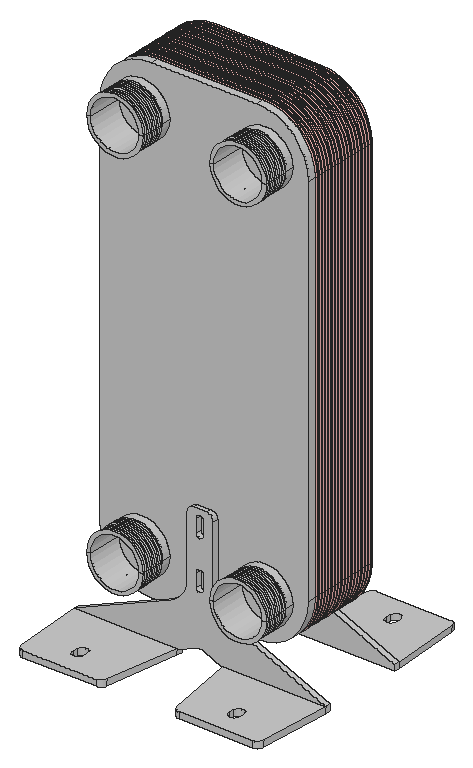
Revit family "MIT MB-11 - Brazed Heat Exchanger", category Specialty Equipment, Revit 2022
Family settings
  Round Connector Dimension = Use Diameter
  Part Type = Normal
  Work Plane-Based = No
  Always vertical = Yes
  Cut with Voids When Loaded = No
  Maintain Annotation Orientation = No
  Shared = No
  Room Calculation Point = No
Parameters (values of type "Threaded")
  URL = "https://en.ekinendustriyel.com/brazed-exchangers"
  Plate Width [instance] = 2.75 mm * (Number_of_Plate)  # 110.00 mm
  Number_of_Plate [instance] = 40
  Model = "MIT-MB-11"
  Manufacturer = "Ekin Endüstriyel"
  Keynote = "Brazed Heat Exchanger"
  Description = "MIT- Brazed Heat Exchanger - 45 bar"
  Default Elevation = 0.00 mm
  A Dimension [instance] = 12.00 mm + (2.75 mm * (Number_of_Plate))  # 122.00 mm
Reference planes
  plane 1 "Center (Front/Back)": y = 0
  plane 2: z = 0
  plane 3 "Center (Left/Right)": x = 0
  plane 4: y = 12
  plane 5: y = 122
  plane 6: y = 119.97
  plane 7 "1": z = 729.615
  plane 8 "2": z = 126.5
  plane 9 "5": y = 124.61
  plane 10: y = 174.61
Forms (mm)
  Extrusion 1, solid, material "Stainless Steel 304/316L", detail levels medium+fine
    sketch origin (-44.592, 0, 0) x (1, 0, 0) y (0, 0, 1)
      loop
        line (-35.979, 59.156) -> (125.01, 59.156)
        arc (125.01, 59.156) -> (181.578, 82.587) -> (205.01, 139.156) r 80
        line (205.01, 139.156) -> (205.01, 717.156)
        arc (205.01, 717.156) -> (181.578, 773.724) -> (125.01, 797.156) r 80
        line (125.01, 797.156) -> (-35.979, 797.156)
        arc (-35.979, 797.156) -> (-92.547, 773.724) -> (-115.979, 717.156) r 80
        line (-115.979, 717.156) -> (-115.979, 139.156)
        arc (-115.979, 139.156) -> (-92.547, 82.587) -> (-35.979, 59.156) r 80
    from 0 to -12
  Revolve 2, solid, material "Stainless Steel 304/316L", detail levels fine
    sketch origin (-44.592, 0, 729.451) x (-1, 0, 0) y (0, -1, 0)
      loop
        line (90.451, 2) -> (92.451, 2) -> (92.451, 14.5) -> (90.297, 16.123) -> (92.451, 17.746) -> (90.297, 19.37) -> (92.451, 20.993) -> (90.297, 22.616) -> (92.451, 24.239) -> (90.297, 25.863) -> (92.451, 27.486) -> (90.297, 29.109) -> (92.451, 30.732) -> (90.297, 32.356) -> (92.451, 33.979) -> (90.297, 35.602) -> (92.451, 37.225) -> (90.297, 38.848) -> (92.451, 40.472) -> (90.297, 42.095) -> (92.451, 43.718) -> (90.297, 45.341) -> (92.451, 46.965) -> (90.297, 48.588) -> (92.451, 50.211) -> (90.297, 51.834) -> (93.171, 54) -> (87.451, 54) -> (87.451, 0) -> (90.451, 0) -> (90.451, 2)
      axis (50.127, 0) -> (50.127, 54)
    angle from 0 to 360
  Revolve 3, solid, material "Stainless Steel 304/316L", detail levels fine
    sketch origin (44.592, 0, 729.451) x (1, 0, 0) y (0, 1, 0)
      loop
        line (90.451, -2) -> (90.451, 0) -> (87.451, 0) -> (87.451, -54) -> (93.171, -54) -> (90.297, -51.834) -> (92.451, -50.211) -> (90.297, -48.588) -> (92.451, -46.965) -> (90.297, -45.341) -> (92.451, -43.718) -> (90.297, -42.095) -> (92.451, -40.472) -> (90.297, -38.848) -> (92.451, -37.225) -> (90.297, -35.602) -> (92.451, -33.979) -> (90.297, -32.356) -> (92.451, -30.732) -> (90.297, -29.109) -> (92.451, -27.486) -> (90.297, -25.863) -> (92.451, -24.239) -> (90.297, -22.616) -> (92.451, -20.993) -> (90.297, -19.37) -> (92.451, -17.746) -> (90.297, -16.123) -> (92.451, -14.5) -> (92.451, -2) -> (90.451, -2)
      axis (50.127, 0) -> (50.127, -54)
    angle from 0 to 360
  Revolve 4, solid, material "Stainless Steel 304/316L", detail levels fine
    sketch origin (-44.592, 0, 126.861) x (0, 1, 0) y (-1, 0, 0)
      loop
        line (-2, 90.451) -> (-2, 92.451) -> (-14.5, 92.451) -> (-16.123, 90.297) -> (-17.746, 92.451) -> (-19.37, 90.297) -> (-20.993, 92.451) -> (-22.616, 90.297) -> (-24.239, 92.451) -> (-25.863, 90.297) -> (-27.486, 92.451) -> (-29.109, 90.297) -> (-30.732, 92.451) -> (-32.356, 90.297) -> (-33.979, 92.451) -> (-35.602, 90.297) -> (-37.225, 92.451) -> (-38.848, 90.297) -> (-40.472, 92.451) -> (-42.095, 90.297) -> (-43.718, 92.451) -> (-45.341, 90.297) -> (-46.965, 92.451) -> (-48.588, 90.297) -> (-50.211, 92.451) -> (-51.834, 90.297) -> (-54, 93.171) -> (-54, 87.451) -> (0, 87.451) -> (0, 90.451) -> (-2, 90.451)
      axis (0, 50.127) -> (-54, 50.127)
    angle from 0 to 360
  Revolve 5, solid, material "Stainless Steel 304/316L", detail levels fine
    sketch origin (44.592, 0, 126.861) x (0, -1, 0) y (1, 0, 0)
      loop
        line (2, 90.451) -> (0, 90.451) -> (0, 87.451) -> (54, 87.451) -> (54, 93.171) -> (51.834, 90.297) -> (50.211, 92.451) -> (48.588, 90.297) -> (46.965, 92.451) -> (45.341, 90.297) -> (43.718, 92.451) -> (42.095, 90.297) -> (40.472, 92.451) -> (38.848, 90.297) -> (37.225, 92.451) -> (35.602, 90.297) -> (33.979, 92.451) -> (32.356, 90.297) -> (30.732, 92.451) -> (29.109, 90.297) -> (27.486, 92.451) -> (25.863, 90.297) -> (24.239, 92.451) -> (22.616, 90.297) -> (20.993, 92.451) -> (19.37, 90.297) -> (17.746, 92.451) -> (16.123, 90.297) -> (14.5, 92.451) -> (2, 92.451) -> (2, 90.451)
      axis (0, 50.127) -> (54, 50.127)
    angle from 0 to 360
  Extrusion 6, solid, material "Stainless Steel 304/316L", detail levels medium+fine
    sketch origin (0, 0, 0) x (1, 0, 0) y (0, 0, 1)
      loop
        line (-20.043, 202.971) -> (-20.043, 109.446)
        arc (-20.043, 109.446) -> (-26.687, 87.369) -> (-44.413, 72.626) r 40
        line (-44.413, 72.626) -> (-193.073, 9.524) -> (-193.073, 0) -> (-35.427, 0) -> (-35.427, 8) -> (-4.927, 20.946)
        arc (-4.927, 20.946) -> (-0.043, 21.94) -> (4.841, 20.946) r 12.5
        line (4.841, 20.946) -> (35.341, 8) -> (35.341, 0) -> (192.987, 0) -> (192.987, 9.524) -> (44.328, 72.626)
        arc (44.328, 72.626) -> (26.602, 87.369) -> (19.957, 109.446) r 40
        line (19.957, 109.446) -> (19.957, 202.971)
        arc (19.957, 202.971) -> (17.028, 210.042) -> (9.957, 212.971) r 10
        line (9.957, 212.971) -> (-10.043, 212.971)
        arc (-10.043, 212.971) -> (-17.114, 210.042) -> (-20.043, 202.971) r 10
      loop
        arc (5.957, 199.271) -> (-0.043, 205.271) -> (-6.043, 199.271) r 6
        line (-6.043, 199.271) -> (-6.043, 179.271)
        arc (-6.043, 179.271) -> (-0.043, 173.271) -> (5.957, 179.271) r 6
        line (5.957, 179.271) -> (5.957, 199.271)
      loop
        arc (5.957, 124.271) -> (-0.043, 130.271) -> (-6.043, 124.271) r 6
        line (-6.043, 124.271) -> (-6.043, 104.271)
        arc (-6.043, 104.271) -> (-0.043, 98.271) -> (5.957, 104.271) r 6
        line (5.957, 104.271) -> (5.957, 124.271)
    from 0 to 8
  Extrusion 7, solid, material "Stainless Steel 304/316L", detail levels medium+fine
    sketch origin (0, 0, 700.5) x (-1, 0, 0) y (0, -1, 0)
      loop
        arc (186.208, 118.578) -> (183.089, 125.273) -> (176.225, 128) r 10
        line (176.225, 128) -> (63.898, 128)
        arc (63.898, 128) -> (57.434, 125.63) -> (54.034, 119.644) r 10
        line (54.034, 119.644) -> (35.427, 8) -> (193.073, 8) -> (186.208, 118.578)
      loop
        line (-35.341, 8) -> (-53.949, 119.644)
        arc (-53.949, 119.644) -> (-57.349, 125.63) -> (-63.812, 128) r 10
        line (-63.812, 128) -> (-176.14, 128)
        arc (-176.14, 128) -> (-183.003, 125.273) -> (-186.123, 118.578) r 10
        line (-186.123, 118.578) -> (-192.987, 8) -> (-35.341, 8)
      loop
        line (-128.226, 92.75) -> (-128.226, 84.25)
        arc (-128.226, 84.25) -> (-119.976, 76) -> (-111.726, 84.25) r 8.25
        line (-111.726, 84.25) -> (-111.726, 92.75)
        arc (-111.726, 92.75) -> (-119.976, 101) -> (-128.226, 92.75) r 8.25
      loop
        line (128.312, 84.25) -> (128.312, 92.75)
        arc (128.312, 92.75) -> (120.062, 101) -> (111.812, 92.75) r 8.25
        line (111.812, 92.75) -> (111.812, 84.25)
        arc (111.812, 84.25) -> (120.062, 76) -> (128.312, 84.25) r 8.25
    from -700.5 to -691.089
  Extrusion 8, solid, material "Stainless Steel 304/316L", detail levels medium
    sketch origin (0, 0, 0) x (1, 0, 0) y (0, 0, 1)
      loop
        circle (-94.718, 729.451) r 42.324
      loop
        circle (94.718, 729.451) r 42.324
      loop
        circle (94.718, 729.451) r 37.324
      loop
        circle (-94.718, 729.451) r 37.324
      loop
        circle (-94.718, 126.861) r 42.324
      loop
        circle (-94.718, 126.861) r 37.324
      loop
        circle (94.718, 126.861) r 37.324
      loop
        circle (94.718, 126.861) r 42.324
    from 0 to 54
  Sweep 9, solid, material "Stainless Steel 304/316L (Copper Covered)", detail levels fine
    path in 3D
      loop
        arc (80.418, 12, 797.156) -> (136.986, 12, 773.724) -> (160.418, 12, 717.156) r 80
        line (160.418, 12, 717.156) -> (160.418, 12, 139.156)
        arc (160.418, 12, 139.156) -> (136.986, 12, 82.587) -> (80.418, 12, 59.156) r 80
        line (80.418, 12, 59.156) -> (-80.571, 12, 59.156)
        arc (-80.571, 12, 59.156) -> (-137.139, 12, 82.587) -> (-160.571, 12, 139.156) r 80
        line (-160.571, 12, 139.156) -> (-160.571, 12, 717.156)
        arc (-160.571, 12, 717.156) -> (-137.139, 12, 773.724) -> (-80.571, 12, 797.156) r 80
        line (-80.571, 12, 797.156) -> (80.418, 12, 797.156)
    profile origin (-0.077, 12, 797.156) x (0, 1, 0) y (0, 0, 1)
      loop
        line (2.75, 0) -> (0, -0.686) -> (0, -1.711) -> (2.75, -1.711) -> (2.75, 0)
  Sweep 10, solid, material "Stainless Steel 304/316L (Copper Covered)", detail levels fine
    path in 3D
      loop
        arc (80.418, 14.75, 797.156) -> (136.986, 14.75, 773.724) -> (160.418, 14.75, 717.156) r 80
        line (160.418, 14.75, 717.156) -> (160.418, 14.75, 139.156)
        arc (160.418, 14.75, 139.156) -> (136.986, 14.75, 82.587) -> (80.418, 14.75, 59.156) r 80
        line (80.418, 14.75, 59.156) -> (-80.571, 14.75, 59.156)
        arc (-80.571, 14.75, 59.156) -> (-137.139, 14.75, 82.587) -> (-160.571, 14.75, 139.156) r 80
        line (-160.571, 14.75, 139.156) -> (-160.571, 14.75, 717.156)
        arc (-160.571, 14.75, 717.156) -> (-137.139, 14.75, 773.724) -> (-80.571, 14.75, 797.156) r 80
        line (-80.571, 14.75, 797.156) -> (80.418, 14.75, 797.156)
    profile origin (-0.077, 14.75, 797.156) x (0, 1, 0) y (0, 0, 1)
      loop
        line (2.75, 0) -> (0, -0.686) -> (0, -1.711) -> (2.75, -1.711) -> (2.75, 0)
  Sweep 11, solid, material "Stainless Steel 304/316L (Copper Covered)", detail levels fine
    path in 3D
      loop
        arc (80.418, 17.5, 797.156) -> (136.986, 17.5, 773.724) -> (160.418, 17.5, 717.156) r 80
        line (160.418, 17.5, 717.156) -> (160.418, 17.5, 139.156)
        arc (160.418, 17.5, 139.156) -> (136.986, 17.5, 82.587) -> (80.418, 17.5, 59.156) r 80
        line (80.418, 17.5, 59.156) -> (-80.571, 17.5, 59.156)
        arc (-80.571, 17.5, 59.156) -> (-137.139, 17.5, 82.587) -> (-160.571, 17.5, 139.156) r 80
        line (-160.571, 17.5, 139.156) -> (-160.571, 17.5, 717.156)
        arc (-160.571, 17.5, 717.156) -> (-137.139, 17.5, 773.724) -> (-80.571, 17.5, 797.156) r 80
        line (-80.571, 17.5, 797.156) -> (80.418, 17.5, 797.156)
    profile origin (-0.077, 17.5, 797.156) x (0, 1, 0) y (0, 0, 1)
      loop
        line (2.75, 0) -> (0, -0.686) -> (0, -1.711) -> (2.75, -1.711) -> (2.75, 0)
  Sweep 12, solid, material "Stainless Steel 304/316L (Copper Covered)", detail levels fine
    path in 3D
      loop
        arc (80.418, 20.25, 797.156) -> (136.986, 20.25, 773.724) -> (160.418, 20.25, 717.156) r 80
        line (160.418, 20.25, 717.156) -> (160.418, 20.25, 139.156)
        arc (160.418, 20.25, 139.156) -> (136.986, 20.25, 82.587) -> (80.418, 20.25, 59.156) r 80
        line (80.418, 20.25, 59.156) -> (-80.571, 20.25, 59.156)
        arc (-80.571, 20.25, 59.156) -> (-137.139, 20.25, 82.587) -> (-160.571, 20.25, 139.156) r 80
        line (-160.571, 20.25, 139.156) -> (-160.571, 20.25, 717.156)
        arc (-160.571, 20.25, 717.156) -> (-137.139, 20.25, 773.724) -> (-80.571, 20.25, 797.156) r 80
        line (-80.571, 20.25, 797.156) -> (80.418, 20.25, 797.156)
    profile origin (-0.077, 20.25, 797.156) x (0, 1, 0) y (0, 0, 1)
      loop
        line (2.75, 0) -> (0, -0.686) -> (0, -1.711) -> (2.75, -1.711) -> (2.75, 0)
  Sweep 13, solid, material "Stainless Steel 304/316L (Copper Covered)", detail levels fine
    path in 3D
      loop
        arc (80.418, 23, 797.156) -> (136.986, 23, 773.724) -> (160.418, 23, 717.156) r 80
        line (160.418, 23, 717.156) -> (160.418, 23, 139.156)
        arc (160.418, 23, 139.156) -> (136.986, 23, 82.587) -> (80.418, 23, 59.156) r 80
        line (80.418, 23, 59.156) -> (-80.571, 23, 59.156)
        arc (-80.571, 23, 59.156) -> (-137.139, 23, 82.587) -> (-160.571, 23, 139.156) r 80
        line (-160.571, 23, 139.156) -> (-160.571, 23, 717.156)
        arc (-160.571, 23, 717.156) -> (-137.139, 23, 773.724) -> (-80.571, 23, 797.156) r 80
        line (-80.571, 23, 797.156) -> (80.418, 23, 797.156)
    profile origin (-0.077, 23, 797.156) x (0, 1, 0) y (0, 0, 1)
      loop
        line (2.75, 0) -> (0, -0.686) -> (0, -1.711) -> (2.75, -1.711) -> (2.75, 0)
  Sweep 14, solid, material "Stainless Steel 304/316L (Copper Covered)", detail levels fine
    path in 3D
      loop
        arc (80.418, 25.75, 797.156) -> (136.986, 25.75, 773.724) -> (160.418, 25.75, 717.156) r 80
        line (160.418, 25.75, 717.156) -> (160.418, 25.75, 139.156)
        arc (160.418, 25.75, 139.156) -> (136.986, 25.75, 82.587) -> (80.418, 25.75, 59.156) r 80
        line (80.418, 25.75, 59.156) -> (-80.571, 25.75, 59.156)
        arc (-80.571, 25.75, 59.156) -> (-137.139, 25.75, 82.587) -> (-160.571, 25.75, 139.156) r 80
        line (-160.571, 25.75, 139.156) -> (-160.571, 25.75, 717.156)
        arc (-160.571, 25.75, 717.156) -> (-137.139, 25.75, 773.724) -> (-80.571, 25.75, 797.156) r 80
        line (-80.571, 25.75, 797.156) -> (80.418, 25.75, 797.156)
    profile origin (-0.077, 25.75, 797.156) x (0, 1, 0) y (0, 0, 1)
      loop
        line (2.75, 0) -> (0, -0.686) -> (0, -1.711) -> (2.75, -1.711) -> (2.75, 0)
  Sweep 15, solid, material "Stainless Steel 304/316L (Copper Covered)", detail levels fine
    path in 3D
      loop
        arc (80.418, 28.5, 797.156) -> (136.986, 28.5, 773.724) -> (160.418, 28.5, 717.156) r 80
        line (160.418, 28.5, 717.156) -> (160.418, 28.5, 139.156)
        arc (160.418, 28.5, 139.156) -> (136.986, 28.5, 82.587) -> (80.418, 28.5, 59.156) r 80
        line (80.418, 28.5, 59.156) -> (-80.571, 28.5, 59.156)
        arc (-80.571, 28.5, 59.156) -> (-137.139, 28.5, 82.587) -> (-160.571, 28.5, 139.156) r 80
        line (-160.571, 28.5, 139.156) -> (-160.571, 28.5, 717.156)
        arc (-160.571, 28.5, 717.156) -> (-137.139, 28.5, 773.724) -> (-80.571, 28.5, 797.156) r 80
        line (-80.571, 28.5, 797.156) -> (80.418, 28.5, 797.156)
    profile origin (-0.077, 28.5, 797.156) x (0, 1, 0) y (0, 0, 1)
      loop
        line (2.75, 0) -> (0, -0.686) -> (0, -1.711) -> (2.75, -1.711) -> (2.75, 0)
  Sweep 16, solid, material "Stainless Steel 304/316L (Copper Covered)", detail levels fine
    path in 3D
      loop
        arc (80.418, 31.25, 797.156) -> (136.986, 31.25, 773.724) -> (160.418, 31.25, 717.156) r 80
        line (160.418, 31.25, 717.156) -> (160.418, 31.25, 139.156)
        arc (160.418, 31.25, 139.156) -> (136.986, 31.25, 82.587) -> (80.418, 31.25, 59.156) r 80
        line (80.418, 31.25, 59.156) -> (-80.571, 31.25, 59.156)
        arc (-80.571, 31.25, 59.156) -> (-137.139, 31.25, 82.587) -> (-160.571, 31.25, 139.156) r 80
        line (-160.571, 31.25, 139.156) -> (-160.571, 31.25, 717.156)
        arc (-160.571, 31.25, 717.156) -> (-137.139, 31.25, 773.724) -> (-80.571, 31.25, 797.156) r 80
        line (-80.571, 31.25, 797.156) -> (80.418, 31.25, 797.156)
    profile origin (-0.077, 31.25, 797.156) x (0, 1, 0) y (0, 0, 1)
      loop
        line (2.75, 0) -> (0, -0.686) -> (0, -1.711) -> (2.75, -1.711) -> (2.75, 0)
  Sweep 17, solid, material "Stainless Steel 304/316L (Copper Covered)", detail levels fine
    path in 3D
      loop
        arc (80.418, 34, 797.156) -> (136.986, 34, 773.724) -> (160.418, 34, 717.156) r 80
        line (160.418, 34, 717.156) -> (160.418, 34, 139.156)
        arc (160.418, 34, 139.156) -> (136.986, 34, 82.587) -> (80.418, 34, 59.156) r 80
        line (80.418, 34, 59.156) -> (-80.571, 34, 59.156)
        arc (-80.571, 34, 59.156) -> (-137.139, 34, 82.587) -> (-160.571, 34, 139.156) r 80
        line (-160.571, 34, 139.156) -> (-160.571, 34, 717.156)
        arc (-160.571, 34, 717.156) -> (-137.139, 34, 773.724) -> (-80.571, 34, 797.156) r 80
        line (-80.571, 34, 797.156) -> (80.418, 34, 797.156)
    profile origin (-0.077, 34, 797.156) x (0, 1, 0) y (0, 0, 1)
      loop
        line (2.75, 0) -> (0, -0.686) -> (0, -1.711) -> (2.75, -1.711) -> (2.75, 0)
  Sweep 18, solid, material "Stainless Steel 304/316L (Copper Covered)", detail levels fine
    path in 3D
      loop
        arc (80.418, 36.75, 797.156) -> (136.986, 36.75, 773.724) -> (160.418, 36.75, 717.156) r 80
        line (160.418, 36.75, 717.156) -> (160.418, 36.75, 139.156)
        arc (160.418, 36.75, 139.156) -> (136.986, 36.75, 82.587) -> (80.418, 36.75, 59.156) r 80
        line (80.418, 36.75, 59.156) -> (-80.571, 36.75, 59.156)
        arc (-80.571, 36.75, 59.156) -> (-137.139, 36.75, 82.587) -> (-160.571, 36.75, 139.156) r 80
        line (-160.571, 36.75, 139.156) -> (-160.571, 36.75, 717.156)
        arc (-160.571, 36.75, 717.156) -> (-137.139, 36.75, 773.724) -> (-80.571, 36.75, 797.156) r 80
        line (-80.571, 36.75, 797.156) -> (80.418, 36.75, 797.156)
    profile origin (-0.077, 36.75, 797.156) x (0, 1, 0) y (0, 0, 1)
      loop
        line (2.75, 0) -> (0, -0.686) -> (0, -1.711) -> (2.75, -1.711) -> (2.75, 0)
  Sweep 19, solid, material "Stainless Steel 304/316L (Copper Covered)", detail levels fine
    path in 3D
      loop
        arc (80.418, 39.5, 797.156) -> (136.986, 39.5, 773.724) -> (160.418, 39.5, 717.156) r 80
        line (160.418, 39.5, 717.156) -> (160.418, 39.5, 139.156)
        arc (160.418, 39.5, 139.156) -> (136.986, 39.5, 82.587) -> (80.418, 39.5, 59.156) r 80
        line (80.418, 39.5, 59.156) -> (-80.571, 39.5, 59.156)
        arc (-80.571, 39.5, 59.156) -> (-137.139, 39.5, 82.587) -> (-160.571, 39.5, 139.156) r 80
        line (-160.571, 39.5, 139.156) -> (-160.571, 39.5, 717.156)
        arc (-160.571, 39.5, 717.156) -> (-137.139, 39.5, 773.724) -> (-80.571, 39.5, 797.156) r 80
        line (-80.571, 39.5, 797.156) -> (80.418, 39.5, 797.156)
    profile origin (-0.077, 39.5, 797.156) x (0, 1, 0) y (0, 0, 1)
      loop
        line (2.75, 0) -> (0, -0.686) -> (0, -1.711) -> (2.75, -1.711) -> (2.75, 0)
  Sweep 20, solid, material "Stainless Steel 304/316L (Copper Covered)", detail levels fine
    path in 3D
      loop
        arc (80.418, 42.25, 797.156) -> (136.986, 42.25, 773.724) -> (160.418, 42.25, 717.156) r 80
        line (160.418, 42.25, 717.156) -> (160.418, 42.25, 139.156)
        arc (160.418, 42.25, 139.156) -> (136.986, 42.25, 82.587) -> (80.418, 42.25, 59.156) r 80
        line (80.418, 42.25, 59.156) -> (-80.571, 42.25, 59.156)
        arc (-80.571, 42.25, 59.156) -> (-137.139, 42.25, 82.587) -> (-160.571, 42.25, 139.156) r 80
        line (-160.571, 42.25, 139.156) -> (-160.571, 42.25, 717.156)
        arc (-160.571, 42.25, 717.156) -> (-137.139, 42.25, 773.724) -> (-80.571, 42.25, 797.156) r 80
        line (-80.571, 42.25, 797.156) -> (80.418, 42.25, 797.156)
    profile origin (-0.077, 42.25, 797.156) x (0, 1, 0) y (0, 0, 1)
      loop
        line (2.75, 0) -> (0, -0.686) -> (0, -1.711) -> (2.75, -1.711) -> (2.75, 0)
  Sweep 21, solid, material "Stainless Steel 304/316L (Copper Covered)", detail levels fine
    path in 3D
      loop
        arc (80.418, 45, 797.156) -> (136.986, 45, 773.724) -> (160.418, 45, 717.156) r 80
        line (160.418, 45, 717.156) -> (160.418, 45, 139.156)
        arc (160.418, 45, 139.156) -> (136.986, 45, 82.587) -> (80.418, 45, 59.156) r 80
        line (80.418, 45, 59.156) -> (-80.571, 45, 59.156)
        arc (-80.571, 45, 59.156) -> (-137.139, 45, 82.587) -> (-160.571, 45, 139.156) r 80
        line (-160.571, 45, 139.156) -> (-160.571, 45, 717.156)
        arc (-160.571, 45, 717.156) -> (-137.139, 45, 773.724) -> (-80.571, 45, 797.156) r 80
        line (-80.571, 45, 797.156) -> (80.418, 45, 797.156)
    profile origin (-0.077, 45, 797.156) x (0, 1, 0) y (0, 0, 1)
      loop
        line (2.75, 0) -> (0, -0.686) -> (0, -1.711) -> (2.75, -1.711) -> (2.75, 0)
  Sweep 22, solid, material "Stainless Steel 304/316L (Copper Covered)", detail levels fine
    path in 3D
      loop
        arc (80.418, 47.75, 797.156) -> (136.986, 47.75, 773.724) -> (160.418, 47.75, 717.156) r 80
        line (160.418, 47.75, 717.156) -> (160.418, 47.75, 139.156)
        arc (160.418, 47.75, 139.156) -> (136.986, 47.75, 82.587) -> (80.418, 47.75, 59.156) r 80
        line (80.418, 47.75, 59.156) -> (-80.571, 47.75, 59.156)
        arc (-80.571, 47.75, 59.156) -> (-137.139, 47.75, 82.587) -> (-160.571, 47.75, 139.156) r 80
        line (-160.571, 47.75, 139.156) -> (-160.571, 47.75, 717.156)
        arc (-160.571, 47.75, 717.156) -> (-137.139, 47.75, 773.724) -> (-80.571, 47.75, 797.156) r 80
        line (-80.571, 47.75, 797.156) -> (80.418, 47.75, 797.156)
    profile origin (-0.077, 47.75, 797.156) x (0, 1, 0) y (0, 0, 1)
      loop
        line (2.75, 0) -> (0, -0.686) -> (0, -1.711) -> (2.75, -1.711) -> (2.75, 0)
  Sweep 23, solid, material "Stainless Steel 304/316L (Copper Covered)", detail levels fine
    path in 3D
      loop
        arc (80.418, 50.5, 797.156) -> (136.986, 50.5, 773.724) -> (160.418, 50.5, 717.156) r 80
        line (160.418, 50.5, 717.156) -> (160.418, 50.5, 139.156)
        arc (160.418, 50.5, 139.156) -> (136.986, 50.5, 82.587) -> (80.418, 50.5, 59.156) r 80
        line (80.418, 50.5, 59.156) -> (-80.571, 50.5, 59.156)
        arc (-80.571, 50.5, 59.156) -> (-137.139, 50.5, 82.587) -> (-160.571, 50.5, 139.156) r 80
        line (-160.571, 50.5, 139.156) -> (-160.571, 50.5, 717.156)
        arc (-160.571, 50.5, 717.156) -> (-137.139, 50.5, 773.724) -> (-80.571, 50.5, 797.156) r 80
        line (-80.571, 50.5, 797.156) -> (80.418, 50.5, 797.156)
    profile origin (-0.077, 50.5, 797.156) x (0, 1, 0) y (0, 0, 1)
      loop
        line (2.75, 0) -> (0, -0.686) -> (0, -1.711) -> (2.75, -1.711) -> (2.75, 0)
  Sweep 24, solid, material "Stainless Steel 304/316L (Copper Covered)", detail levels fine
    path in 3D
      loop
        arc (80.418, 53.25, 797.156) -> (136.986, 53.25, 773.724) -> (160.418, 53.25, 717.156) r 80
        line (160.418, 53.25, 717.156) -> (160.418, 53.25, 139.156)
        arc (160.418, 53.25, 139.156) -> (136.986, 53.25, 82.587) -> (80.418, 53.25, 59.156) r 80
        line (80.418, 53.25, 59.156) -> (-80.571, 53.25, 59.156)
        arc (-80.571, 53.25, 59.156) -> (-137.139, 53.25, 82.587) -> (-160.571, 53.25, 139.156) r 80
        line (-160.571, 53.25, 139.156) -> (-160.571, 53.25, 717.156)
        arc (-160.571, 53.25, 717.156) -> (-137.139, 53.25, 773.724) -> (-80.571, 53.25, 797.156) r 80
        line (-80.571, 53.25, 797.156) -> (80.418, 53.25, 797.156)
    profile origin (-0.077, 53.25, 797.156) x (0, 1, 0) y (0, 0, 1)
      loop
        line (2.75, 0) -> (0, -0.686) -> (0, -1.711) -> (2.75, -1.711) -> (2.75, 0)
  Sweep 25, solid, material "Stainless Steel 304/316L (Copper Covered)", detail levels fine
    path in 3D
      loop
        arc (80.418, 56, 797.156) -> (136.986, 56, 773.724) -> (160.418, 56, 717.156) r 80
        line (160.418, 56, 717.156) -> (160.418, 56, 139.156)
        arc (160.418, 56, 139.156) -> (136.986, 56, 82.587) -> (80.418, 56, 59.156) r 80
        line (80.418, 56, 59.156) -> (-80.571, 56, 59.156)
        arc (-80.571, 56, 59.156) -> (-137.139, 56, 82.587) -> (-160.571, 56, 139.156) r 80
        line (-160.571, 56, 139.156) -> (-160.571, 56, 717.156)
        arc (-160.571, 56, 717.156) -> (-137.139, 56, 773.724) -> (-80.571, 56, 797.156) r 80
        line (-80.571, 56, 797.156) -> (80.418, 56, 797.156)
    profile origin (-0.077, 56, 797.156) x (0, 1, 0) y (0, 0, 1)
      loop
        line (2.75, 0) -> (0, -0.686) -> (0, -1.711) -> (2.75, -1.711) -> (2.75, 0)
  Sweep 26, solid, material "Stainless Steel 304/316L (Copper Covered)", detail levels fine
    path in 3D
      loop
        arc (80.418, 58.75, 797.156) -> (136.986, 58.75, 773.724) -> (160.418, 58.75, 717.156) r 80
        line (160.418, 58.75, 717.156) -> (160.418, 58.75, 139.156)
        arc (160.418, 58.75, 139.156) -> (136.986, 58.75, 82.587) -> (80.418, 58.75, 59.156) r 80
        line (80.418, 58.75, 59.156) -> (-80.571, 58.75, 59.156)
        arc (-80.571, 58.75, 59.156) -> (-137.139, 58.75, 82.587) -> (-160.571, 58.75, 139.156) r 80
        line (-160.571, 58.75, 139.156) -> (-160.571, 58.75, 717.156)
        arc (-160.571, 58.75, 717.156) -> (-137.139, 58.75, 773.724) -> (-80.571, 58.75, 797.156) r 80
        line (-80.571, 58.75, 797.156) -> (80.418, 58.75, 797.156)
    profile origin (-0.077, 58.75, 797.156) x (0, 1, 0) y (0, 0, 1)
      loop
        line (2.75, 0) -> (0, -0.686) -> (0, -1.711) -> (2.75, -1.711) -> (2.75, 0)
  Sweep 27, solid, material "Stainless Steel 304/316L (Copper Covered)", detail levels fine
    path in 3D
      loop
        arc (80.418, 61.5, 797.156) -> (136.986, 61.5, 773.724) -> (160.418, 61.5, 717.156) r 80
        line (160.418, 61.5, 717.156) -> (160.418, 61.5, 139.156)
        arc (160.418, 61.5, 139.156) -> (136.986, 61.5, 82.587) -> (80.418, 61.5, 59.156) r 80
        line (80.418, 61.5, 59.156) -> (-80.571, 61.5, 59.156)
        arc (-80.571, 61.5, 59.156) -> (-137.139, 61.5, 82.587) -> (-160.571, 61.5, 139.156) r 80
        line (-160.571, 61.5, 139.156) -> (-160.571, 61.5, 717.156)
        arc (-160.571, 61.5, 717.156) -> (-137.139, 61.5, 773.724) -> (-80.571, 61.5, 797.156) r 80
        line (-80.571, 61.5, 797.156) -> (80.418, 61.5, 797.156)
    profile origin (-0.077, 61.5, 797.156) x (0, 1, 0) y (0, 0, 1)
      loop
        line (2.75, 0) -> (0, -0.686) -> (0, -1.711) -> (2.75, -1.711) -> (2.75, 0)
  Sweep 28, solid, material "Stainless Steel 304/316L (Copper Covered)", detail levels fine
    path in 3D
      loop
        arc (80.418, 64.25, 797.156) -> (136.986, 64.25, 773.724) -> (160.418, 64.25, 717.156) r 80
        line (160.418, 64.25, 717.156) -> (160.418, 64.25, 139.156)
        arc (160.418, 64.25, 139.156) -> (136.986, 64.25, 82.587) -> (80.418, 64.25, 59.156) r 80
        line (80.418, 64.25, 59.156) -> (-80.571, 64.25, 59.156)
        arc (-80.571, 64.25, 59.156) -> (-137.139, 64.25, 82.587) -> (-160.571, 64.25, 139.156) r 80
        line (-160.571, 64.25, 139.156) -> (-160.571, 64.25, 717.156)
        arc (-160.571, 64.25, 717.156) -> (-137.139, 64.25, 773.724) -> (-80.571, 64.25, 797.156) r 80
        line (-80.571, 64.25, 797.156) -> (80.418, 64.25, 797.156)
    profile origin (-0.077, 64.25, 797.156) x (0, 1, 0) y (0, 0, 1)
      loop
        line (2.75, 0) -> (0, -0.686) -> (0, -1.711) -> (2.75, -1.711) -> (2.75, 0)
  Sweep 29, solid, material "Stainless Steel 304/316L (Copper Covered)", detail levels fine
    path in 3D
      loop
        arc (80.418, 67, 797.156) -> (136.986, 67, 773.724) -> (160.418, 67, 717.156) r 80
        line (160.418, 67, 717.156) -> (160.418, 67, 139.156)
        arc (160.418, 67, 139.156) -> (136.986, 67, 82.587) -> (80.418, 67, 59.156) r 80
        line (80.418, 67, 59.156) -> (-80.571, 67, 59.156)
        arc (-80.571, 67, 59.156) -> (-137.139, 67, 82.587) -> (-160.571, 67, 139.156) r 80
        line (-160.571, 67, 139.156) -> (-160.571, 67, 717.156)
        arc (-160.571, 67, 717.156) -> (-137.139, 67, 773.724) -> (-80.571, 67, 797.156) r 80
        line (-80.571, 67, 797.156) -> (80.418, 67, 797.156)
    profile origin (-0.077, 67, 797.156) x (0, 1, 0) y (0, 0, 1)
      loop
        line (2.75, 0) -> (0, -0.686) -> (0, -1.711) -> (2.75, -1.711) -> (2.75, 0)
  Sweep 30, solid, material "Stainless Steel 304/316L (Copper Covered)", detail levels fine
    path in 3D
      loop
        arc (80.418, 69.75, 797.156) -> (136.986, 69.75, 773.724) -> (160.418, 69.75, 717.156) r 80
        line (160.418, 69.75, 717.156) -> (160.418, 69.75, 139.156)
        arc (160.418, 69.75, 139.156) -> (136.986, 69.75, 82.587) -> (80.418, 69.75, 59.156) r 80
        line (80.418, 69.75, 59.156) -> (-80.571, 69.75, 59.156)
        arc (-80.571, 69.75, 59.156) -> (-137.139, 69.75, 82.587) -> (-160.571, 69.75, 139.156) r 80
        line (-160.571, 69.75, 139.156) -> (-160.571, 69.75, 717.156)
        arc (-160.571, 69.75, 717.156) -> (-137.139, 69.75, 773.724) -> (-80.571, 69.75, 797.156) r 80
        line (-80.571, 69.75, 797.156) -> (80.418, 69.75, 797.156)
    profile origin (-0.077, 69.75, 797.156) x (0, 1, 0) y (0, 0, 1)
      loop
        line (2.75, 0) -> (0, -0.686) -> (0, -1.711) -> (2.75, -1.711) -> (2.75, 0)
  Sweep 31, solid, material "Stainless Steel 304/316L (Copper Covered)", detail levels fine
    path in 3D
      loop
        arc (80.418, 72.5, 797.156) -> (136.986, 72.5, 773.724) -> (160.418, 72.5, 717.156) r 80
        line (160.418, 72.5, 717.156) -> (160.418, 72.5, 139.156)
        arc (160.418, 72.5, 139.156) -> (136.986, 72.5, 82.587) -> (80.418, 72.5, 59.156) r 80
        line (80.418, 72.5, 59.156) -> (-80.571, 72.5, 59.156)
        arc (-80.571, 72.5, 59.156) -> (-137.139, 72.5, 82.587) -> (-160.571, 72.5, 139.156) r 80
        line (-160.571, 72.5, 139.156) -> (-160.571, 72.5, 717.156)
        arc (-160.571, 72.5, 717.156) -> (-137.139, 72.5, 773.724) -> (-80.571, 72.5, 797.156) r 80
        line (-80.571, 72.5, 797.156) -> (80.418, 72.5, 797.156)
    profile origin (-0.077, 72.5, 797.156) x (0, 1, 0) y (0, 0, 1)
      loop
        line (2.75, 0) -> (0, -0.686) -> (0, -1.711) -> (2.75, -1.711) -> (2.75, 0)
  Sweep 32, solid, material "Stainless Steel 304/316L (Copper Covered)", detail levels fine
    path in 3D
      loop
        arc (80.418, 75.25, 797.156) -> (136.986, 75.25, 773.724) -> (160.418, 75.25, 717.156) r 80
        line (160.418, 75.25, 717.156) -> (160.418, 75.25, 139.156)
        arc (160.418, 75.25, 139.156) -> (136.986, 75.25, 82.587) -> (80.418, 75.25, 59.156) r 80
        line (80.418, 75.25, 59.156) -> (-80.571, 75.25, 59.156)
        arc (-80.571, 75.25, 59.156) -> (-137.139, 75.25, 82.587) -> (-160.571, 75.25, 139.156) r 80
        line (-160.571, 75.25, 139.156) -> (-160.571, 75.25, 717.156)
        arc (-160.571, 75.25, 717.156) -> (-137.139, 75.25, 773.724) -> (-80.571, 75.25, 797.156) r 80
        line (-80.571, 75.25, 797.156) -> (80.418, 75.25, 797.156)
    profile origin (-0.077, 75.25, 797.156) x (0, 1, 0) y (0, 0, 1)
      loop
        line (2.75, 0) -> (0, -0.686) -> (0, -1.711) -> (2.75, -1.711) -> (2.75, 0)
  Sweep 33, solid, material "Stainless Steel 304/316L (Copper Covered)", detail levels fine
    path in 3D
      loop
        arc (80.418, 78, 797.156) -> (136.986, 78, 773.724) -> (160.418, 78, 717.156) r 80
        line (160.418, 78, 717.156) -> (160.418, 78, 139.156)
        arc (160.418, 78, 139.156) -> (136.986, 78, 82.587) -> (80.418, 78, 59.156) r 80
        line (80.418, 78, 59.156) -> (-80.571, 78, 59.156)
        arc (-80.571, 78, 59.156) -> (-137.139, 78, 82.587) -> (-160.571, 78, 139.156) r 80
        line (-160.571, 78, 139.156) -> (-160.571, 78, 717.156)
        arc (-160.571, 78, 717.156) -> (-137.139, 78, 773.724) -> (-80.571, 78, 797.156) r 80
        line (-80.571, 78, 797.156) -> (80.418, 78, 797.156)
    profile origin (-0.077, 78, 797.156) x (0, 1, 0) y (0, 0, 1)
      loop
        line (2.75, 0) -> (0, -0.686) -> (0, -1.711) -> (2.75, -1.711) -> (2.75, 0)
  Sweep 34, solid, material "Stainless Steel 304/316L (Copper Covered)", detail levels fine
    path in 3D
      loop
        arc (80.418, 80.75, 797.156) -> (136.986, 80.75, 773.724) -> (160.418, 80.75, 717.156) r 80
        line (160.418, 80.75, 717.156) -> (160.418, 80.75, 139.156)
        arc (160.418, 80.75, 139.156) -> (136.986, 80.75, 82.587) -> (80.418, 80.75, 59.156) r 80
        line (80.418, 80.75, 59.156) -> (-80.571, 80.75, 59.156)
        arc (-80.571, 80.75, 59.156) -> (-137.139, 80.75, 82.587) -> (-160.571, 80.75, 139.156) r 80
        line (-160.571, 80.75, 139.156) -> (-160.571, 80.75, 717.156)
        arc (-160.571, 80.75, 717.156) -> (-137.139, 80.75, 773.724) -> (-80.571, 80.75, 797.156) r 80
        line (-80.571, 80.75, 797.156) -> (80.418, 80.75, 797.156)
    profile origin (-0.077, 80.75, 797.156) x (0, 1, 0) y (0, 0, 1)
      loop
        line (2.75, 0) -> (0, -0.686) -> (0, -1.711) -> (2.75, -1.711) -> (2.75, 0)
  Sweep 35, solid, material "Stainless Steel 304/316L (Copper Covered)", detail levels fine
    path in 3D
      loop
        arc (80.418, 83.5, 797.156) -> (136.986, 83.5, 773.724) -> (160.418, 83.5, 717.156) r 80
        line (160.418, 83.5, 717.156) -> (160.418, 83.5, 139.156)
        arc (160.418, 83.5, 139.156) -> (136.986, 83.5, 82.587) -> (80.418, 83.5, 59.156) r 80
        line (80.418, 83.5, 59.156) -> (-80.571, 83.5, 59.156)
        arc (-80.571, 83.5, 59.156) -> (-137.139, 83.5, 82.587) -> (-160.571, 83.5, 139.156) r 80
        line (-160.571, 83.5, 139.156) -> (-160.571, 83.5, 717.156)
        arc (-160.571, 83.5, 717.156) -> (-137.139, 83.5, 773.724) -> (-80.571, 83.5, 797.156) r 80
        line (-80.571, 83.5, 797.156) -> (80.418, 83.5, 797.156)
    profile origin (-0.077, 83.5, 797.156) x (0, 1, 0) y (0, 0, 1)
      loop
        line (2.75, 0) -> (0, -0.686) -> (0, -1.711) -> (2.75, -1.711) -> (2.75, 0)
  Sweep 36, solid, material "Stainless Steel 304/316L (Copper Covered)", detail levels fine
    path in 3D
      loop
        arc (80.418, 86.25, 797.156) -> (136.986, 86.25, 773.724) -> (160.418, 86.25, 717.156) r 80
        line (160.418, 86.25, 717.156) -> (160.418, 86.25, 139.156)
        arc (160.418, 86.25, 139.156) -> (136.986, 86.25, 82.587) -> (80.418, 86.25, 59.156) r 80
        line (80.418, 86.25, 59.156) -> (-80.571, 86.25, 59.156)
        arc (-80.571, 86.25, 59.156) -> (-137.139, 86.25, 82.587) -> (-160.571, 86.25, 139.156) r 80
        line (-160.571, 86.25, 139.156) -> (-160.571, 86.25, 717.156)
        arc (-160.571, 86.25, 717.156) -> (-137.139, 86.25, 773.724) -> (-80.571, 86.25, 797.156) r 80
        line (-80.571, 86.25, 797.156) -> (80.418, 86.25, 797.156)
    profile origin (-0.077, 86.25, 797.156) x (0, 1, 0) y (0, 0, 1)
      loop
        line (2.75, 0) -> (0, -0.686) -> (0, -1.711) -> (2.75, -1.711) -> (2.75, 0)
  Sweep 37, solid, material "Stainless Steel 304/316L (Copper Covered)", detail levels fine
    path in 3D
      loop
        arc (80.418, 89, 797.156) -> (136.986, 89, 773.724) -> (160.418, 89, 717.156) r 80
        line (160.418, 89, 717.156) -> (160.418, 89, 139.156)
        arc (160.418, 89, 139.156) -> (136.986, 89, 82.587) -> (80.418, 89, 59.156) r 80
        line (80.418, 89, 59.156) -> (-80.571, 89, 59.156)
        arc (-80.571, 89, 59.156) -> (-137.139, 89, 82.587) -> (-160.571, 89, 139.156) r 80
        line (-160.571, 89, 139.156) -> (-160.571, 89, 717.156)
        arc (-160.571, 89, 717.156) -> (-137.139, 89, 773.724) -> (-80.571, 89, 797.156) r 80
        line (-80.571, 89, 797.156) -> (80.418, 89, 797.156)
    profile origin (-0.077, 89, 797.156) x (0, 1, 0) y (0, 0, 1)
      loop
        line (2.75, 0) -> (0, -0.686) -> (0, -1.711) -> (2.75, -1.711) -> (2.75, 0)
  Sweep 38, solid, material "Stainless Steel 304/316L (Copper Covered)", detail levels fine
    path in 3D
      loop
        arc (80.418, 91.75, 797.156) -> (136.986, 91.75, 773.724) -> (160.418, 91.75, 717.156) r 80
        line (160.418, 91.75, 717.156) -> (160.418, 91.75, 139.156)
        arc (160.418, 91.75, 139.156) -> (136.986, 91.75, 82.587) -> (80.418, 91.75, 59.156) r 80
        line (80.418, 91.75, 59.156) -> (-80.571, 91.75, 59.156)
        arc (-80.571, 91.75, 59.156) -> (-137.139, 91.75, 82.587) -> (-160.571, 91.75, 139.156) r 80
        line (-160.571, 91.75, 139.156) -> (-160.571, 91.75, 717.156)
        arc (-160.571, 91.75, 717.156) -> (-137.139, 91.75, 773.724) -> (-80.571, 91.75, 797.156) r 80
        line (-80.571, 91.75, 797.156) -> (80.418, 91.75, 797.156)
    profile origin (-0.077, 91.75, 797.156) x (0, 1, 0) y (0, 0, 1)
      loop
        line (2.75, 0) -> (0, -0.686) -> (0, -1.711) -> (2.75, -1.711) -> (2.75, 0)
  Sweep 39, solid, material "Stainless Steel 304/316L (Copper Covered)", detail levels fine
    path in 3D
      loop
        arc (80.418, 94.5, 797.156) -> (136.986, 94.5, 773.724) -> (160.418, 94.5, 717.156) r 80
        line (160.418, 94.5, 717.156) -> (160.418, 94.5, 139.156)
        arc (160.418, 94.5, 139.156) -> (136.986, 94.5, 82.587) -> (80.418, 94.5, 59.156) r 80
        line (80.418, 94.5, 59.156) -> (-80.571, 94.5, 59.156)
        arc (-80.571, 94.5, 59.156) -> (-137.139, 94.5, 82.587) -> (-160.571, 94.5, 139.156) r 80
        line (-160.571, 94.5, 139.156) -> (-160.571, 94.5, 717.156)
        arc (-160.571, 94.5, 717.156) -> (-137.139, 94.5, 773.724) -> (-80.571, 94.5, 797.156) r 80
        line (-80.571, 94.5, 797.156) -> (80.418, 94.5, 797.156)
    profile origin (-0.077, 94.5, 797.156) x (0, 1, 0) y (0, 0, 1)
      loop
        line (2.75, 0) -> (0, -0.686) -> (0, -1.711) -> (2.75, -1.711) -> (2.75, 0)
  Sweep 40, solid, material "Stainless Steel 304/316L (Copper Covered)", detail levels fine
    path in 3D
      loop
        arc (80.418, 97.25, 797.156) -> (136.986, 97.25, 773.724) -> (160.418, 97.25, 717.156) r 80
        line (160.418, 97.25, 717.156) -> (160.418, 97.25, 139.156)
        arc (160.418, 97.25, 139.156) -> (136.986, 97.25, 82.587) -> (80.418, 97.25, 59.156) r 80
        line (80.418, 97.25, 59.156) -> (-80.571, 97.25, 59.156)
        arc (-80.571, 97.25, 59.156) -> (-137.139, 97.25, 82.587) -> (-160.571, 97.25, 139.156) r 80
        line (-160.571, 97.25, 139.156) -> (-160.571, 97.25, 717.156)
        arc (-160.571, 97.25, 717.156) -> (-137.139, 97.25, 773.724) -> (-80.571, 97.25, 797.156) r 80
        line (-80.571, 97.25, 797.156) -> (80.418, 97.25, 797.156)
    profile origin (-0.077, 97.25, 797.156) x (0, 1, 0) y (0, 0, 1)
      loop
        line (2.75, 0) -> (0, -0.686) -> (0, -1.711) -> (2.75, -1.711) -> (2.75, 0)
  Sweep 41, solid, material "Stainless Steel 304/316L (Copper Covered)", detail levels fine
    path in 3D
      loop
        arc (80.418, 100, 797.156) -> (136.986, 100, 773.724) -> (160.418, 100, 717.156) r 80
        line (160.418, 100, 717.156) -> (160.418, 100, 139.156)
        arc (160.418, 100, 139.156) -> (136.986, 100, 82.587) -> (80.418, 100, 59.156) r 80
        line (80.418, 100, 59.156) -> (-80.571, 100, 59.156)
        arc (-80.571, 100, 59.156) -> (-137.139, 100, 82.587) -> (-160.571, 100, 139.156) r 80
        line (-160.571, 100, 139.156) -> (-160.571, 100, 717.156)
        arc (-160.571, 100, 717.156) -> (-137.139, 100, 773.724) -> (-80.571, 100, 797.156) r 80
        line (-80.571, 100, 797.156) -> (80.418, 100, 797.156)
    profile origin (-0.077, 100, 797.156) x (0, 1, 0) y (0, 0, 1)
      loop
        line (2.75, 0) -> (0, -0.686) -> (0, -1.711) -> (2.75, -1.711) -> (2.75, 0)
  Sweep 42, solid, material "Stainless Steel 304/316L (Copper Covered)", detail levels fine
    path in 3D
      loop
        arc (80.418, 102.75, 797.156) -> (136.986, 102.75, 773.724) -> (160.418, 102.75, 717.156) r 80
        line (160.418, 102.75, 717.156) -> (160.418, 102.75, 139.156)
        arc (160.418, 102.75, 139.156) -> (136.986, 102.75, 82.587) -> (80.418, 102.75, 59.156) r 80
        line (80.418, 102.75, 59.156) -> (-80.571, 102.75, 59.156)
        arc (-80.571, 102.75, 59.156) -> (-137.139, 102.75, 82.587) -> (-160.571, 102.75, 139.156) r 80
        line (-160.571, 102.75, 139.156) -> (-160.571, 102.75, 717.156)
        arc (-160.571, 102.75, 717.156) -> (-137.139, 102.75, 773.724) -> (-80.571, 102.75, 797.156) r 80
        line (-80.571, 102.75, 797.156) -> (80.418, 102.75, 797.156)
    profile origin (-0.077, 102.75, 797.156) x (0, 1, 0) y (0, 0, 1)
      loop
        line (2.75, 0) -> (0, -0.686) -> (0, -1.711) -> (2.75, -1.711) -> (2.75, 0)
  Sweep 43, solid, material "Stainless Steel 304/316L (Copper Covered)", detail levels fine
    path in 3D
      loop
        arc (80.418, 105.5, 797.156) -> (136.986, 105.5, 773.724) -> (160.418, 105.5, 717.156) r 80
        line (160.418, 105.5, 717.156) -> (160.418, 105.5, 139.156)
        arc (160.418, 105.5, 139.156) -> (136.986, 105.5, 82.587) -> (80.418, 105.5, 59.156) r 80
        line (80.418, 105.5, 59.156) -> (-80.571, 105.5, 59.156)
        arc (-80.571, 105.5, 59.156) -> (-137.139, 105.5, 82.587) -> (-160.571, 105.5, 139.156) r 80
        line (-160.571, 105.5, 139.156) -> (-160.571, 105.5, 717.156)
        arc (-160.571, 105.5, 717.156) -> (-137.139, 105.5, 773.724) -> (-80.571, 105.5, 797.156) r 80
        line (-80.571, 105.5, 797.156) -> (80.418, 105.5, 797.156)
    profile origin (-0.077, 105.5, 797.156) x (0, 1, 0) y (0, 0, 1)
      loop
        line (2.75, 0) -> (0, -0.686) -> (0, -1.711) -> (2.75, -1.711) -> (2.75, 0)
  Sweep 44, solid, material "Stainless Steel 304/316L (Copper Covered)", detail levels fine
    path in 3D
      loop
        arc (80.418, 108.25, 797.156) -> (136.986, 108.25, 773.724) -> (160.418, 108.25, 717.156) r 80
        line (160.418, 108.25, 717.156) -> (160.418, 108.25, 139.156)
        arc (160.418, 108.25, 139.156) -> (136.986, 108.25, 82.587) -> (80.418, 108.25, 59.156) r 80
        line (80.418, 108.25, 59.156) -> (-80.571, 108.25, 59.156)
        arc (-80.571, 108.25, 59.156) -> (-137.139, 108.25, 82.587) -> (-160.571, 108.25, 139.156) r 80
        line (-160.571, 108.25, 139.156) -> (-160.571, 108.25, 717.156)
        arc (-160.571, 108.25, 717.156) -> (-137.139, 108.25, 773.724) -> (-80.571, 108.25, 797.156) r 80
        line (-80.571, 108.25, 797.156) -> (80.418, 108.25, 797.156)
    profile origin (-0.077, 108.25, 797.156) x (0, 1, 0) y (0, 0, 1)
      loop
        line (2.75, 0) -> (0, -0.686) -> (0, -1.711) -> (2.75, -1.711) -> (2.75, 0)
  Sweep 45, solid, material "Stainless Steel 304/316L (Copper Covered)", detail levels fine
    path in 3D
      loop
        arc (80.418, 111, 797.156) -> (136.986, 111, 773.724) -> (160.418, 111, 717.156) r 80
        line (160.418, 111, 717.156) -> (160.418, 111, 139.156)
        arc (160.418, 111, 139.156) -> (136.986, 111, 82.587) -> (80.418, 111, 59.156) r 80
        line (80.418, 111, 59.156) -> (-80.571, 111, 59.156)
        arc (-80.571, 111, 59.156) -> (-137.139, 111, 82.587) -> (-160.571, 111, 139.156) r 80
        line (-160.571, 111, 139.156) -> (-160.571, 111, 717.156)
        arc (-160.571, 111, 717.156) -> (-137.139, 111, 773.724) -> (-80.571, 111, 797.156) r 80
        line (-80.571, 111, 797.156) -> (80.418, 111, 797.156)
    profile origin (-0.077, 111, 797.156) x (0, 1, 0) y (0, 0, 1)
      loop
        line (2.75, 0) -> (0, -0.686) -> (0, -1.711) -> (2.75, -1.711) -> (2.75, 0)
  Sweep 46, solid, material "Stainless Steel 304/316L (Copper Covered)", detail levels fine
    path in 3D
      loop
        arc (80.418, 113.75, 797.156) -> (136.986, 113.75, 773.724) -> (160.418, 113.75, 717.156) r 80
        line (160.418, 113.75, 717.156) -> (160.418, 113.75, 139.156)
        arc (160.418, 113.75, 139.156) -> (136.986, 113.75, 82.587) -> (80.418, 113.75, 59.156) r 80
        line (80.418, 113.75, 59.156) -> (-80.571, 113.75, 59.156)
        arc (-80.571, 113.75, 59.156) -> (-137.139, 113.75, 82.587) -> (-160.571, 113.75, 139.156) r 80
        line (-160.571, 113.75, 139.156) -> (-160.571, 113.75, 717.156)
        arc (-160.571, 113.75, 717.156) -> (-137.139, 113.75, 773.724) -> (-80.571, 113.75, 797.156) r 80
        line (-80.571, 113.75, 797.156) -> (80.418, 113.75, 797.156)
    profile origin (-0.077, 113.75, 797.156) x (0, 1, 0) y (0, 0, 1)
      loop
        line (2.75, 0) -> (0, -0.686) -> (0, -1.711) -> (2.75, -1.711) -> (2.75, 0)
  Sweep 47, solid, material "Stainless Steel 304/316L (Copper Covered)", detail levels fine
    path in 3D
      loop
        arc (80.418, 116.5, 797.156) -> (136.986, 116.5, 773.724) -> (160.418, 116.5, 717.156) r 80
        line (160.418, 116.5, 717.156) -> (160.418, 116.5, 139.156)
        arc (160.418, 116.5, 139.156) -> (136.986, 116.5, 82.587) -> (80.418, 116.5, 59.156) r 80
        line (80.418, 116.5, 59.156) -> (-80.571, 116.5, 59.156)
        arc (-80.571, 116.5, 59.156) -> (-137.139, 116.5, 82.587) -> (-160.571, 116.5, 139.156) r 80
        line (-160.571, 116.5, 139.156) -> (-160.571, 116.5, 717.156)
        arc (-160.571, 116.5, 717.156) -> (-137.139, 116.5, 773.724) -> (-80.571, 116.5, 797.156) r 80
        line (-80.571, 116.5, 797.156) -> (80.418, 116.5, 797.156)
    profile origin (-0.077, 116.5, 797.156) x (0, 1, 0) y (0, 0, 1)
      loop
        line (2.75, 0) -> (0, -0.686) -> (0, -1.711) -> (2.75, -1.711) -> (2.75, 0)
  Sweep 48, solid, material "Stainless Steel 304/316L (Copper Covered)", detail levels fine
    path in 3D
      loop
        arc (80.418, 119.25, 797.156) -> (136.986, 119.25, 773.724) -> (160.418, 119.25, 717.156) r 80
        line (160.418, 119.25, 717.156) -> (160.418, 119.25, 139.156)
        arc (160.418, 119.25, 139.156) -> (136.986, 119.25, 82.587) -> (80.418, 119.25, 59.156) r 80
        line (80.418, 119.25, 59.156) -> (-80.571, 119.25, 59.156)
        arc (-80.571, 119.25, 59.156) -> (-137.139, 119.25, 82.587) -> (-160.571, 119.25, 139.156) r 80
        line (-160.571, 119.25, 139.156) -> (-160.571, 119.25, 717.156)
        arc (-160.571, 119.25, 717.156) -> (-137.139, 119.25, 773.724) -> (-80.571, 119.25, 797.156) r 80
        line (-80.571, 119.25, 797.156) -> (80.418, 119.25, 797.156)
    profile origin (-0.077, 119.25, 797.156) x (0, 1, 0) y (0, 0, 1)
      loop
        line (2.75, 0) -> (0, -0.686) -> (0, -1.711) -> (2.75, -1.711) -> (2.75, 0)
  Extrusion 49, solid, material "Stainless Steel 304/316L", detail levels medium+fine
    sketch origin (0, 0, 0) x (1, 0, 0) y (0, 0, 1)
      loop
        arc (158.706, 717.156) -> (135.776, 772.514) -> (80.418, 795.444) r 78.289
        line (80.418, 795.444) -> (-80.571, 795.444)
        arc (-80.571, 795.444) -> (-135.929, 772.514) -> (-158.859, 717.156) r 78.289
        line (-158.859, 717.156) -> (-158.859, 139.156)
        arc (-158.859, 139.156) -> (-135.929, 83.797) -> (-80.571, 60.867) r 78.289
        line (-80.571, 60.867) -> (80.418, 60.867)
        arc (80.418, 60.867) -> (135.776, 83.797) -> (158.706, 139.156) r 78.289
        line (158.706, 139.156) -> (158.706, 717.156)
    from -12 to -119.97
  Extrusion 50, solid, material "Stainless Steel 304/316L", detail levels medium+fine
    sketch origin (0, 0, 0) x (1, 0, 0) y (0, 0, 1)
      loop
        line (-44.413, 72.626) -> (-193.073, 9.524) -> (-193.073, 0) -> (-35.427, 0) -> (-35.427, 8) -> (-4.927, 20.946)
        arc (-4.927, 20.946) -> (-0.043, 21.94) -> (4.841, 20.946) r 12.5
        line (4.841, 20.946) -> (35.341, 8) -> (35.341, 0) -> (192.987, 0) -> (192.987, 9.524) -> (44.328, 72.626)
        arc (44.328, 72.626) -> (26.602, 87.369) -> (19.957, 109.446) r 40
        line (19.957, 109.446) -> (19.957, 202.971)
        arc (19.957, 202.971) -> (17.028, 210.042) -> (9.957, 212.971) r 10
        line (9.957, 212.971) -> (-10.043, 212.971)
        arc (-10.043, 212.971) -> (-17.114, 210.042) -> (-20.043, 202.971) r 10
        line (-20.043, 202.971) -> (-20.043, 109.446)
        arc (-20.043, 109.446) -> (-26.687, 87.369) -> (-44.413, 72.626) r 40
      loop
        line (-6.043, 199.271) -> (-6.043, 179.271)
        arc (-6.043, 179.271) -> (-0.043, 173.271) -> (5.957, 179.271) r 6
        line (5.957, 179.271) -> (5.957, 199.271)
        arc (5.957, 199.271) -> (-0.043, 205.271) -> (-6.043, 199.271) r 6
      loop
        line (-6.043, 124.271) -> (-6.043, 104.271)
        arc (-6.043, 104.271) -> (-0.043, 98.271) -> (5.957, 104.271) r 6
        line (5.957, 104.271) -> (5.957, 124.271)
        arc (5.957, 124.271) -> (-0.043, 130.271) -> (-6.043, 124.271) r 6
    from -124.61 to -132.5
  Extrusion 51, solid, material "Stainless Steel 304/316L", detail levels medium+fine
    sketch origin (9.957, 0, 212.971) x (-1, 0, 0) y (0, -1, 0)
      loop
        arc (-176.166, -243.078) -> (-173.046, -249.773) -> (-166.182, -252.5) r 10
        line (-166.182, -252.5) -> (-53.855, -252.5)
        arc (-53.855, -252.5) -> (-47.391, -250.13) -> (-43.991, -244.144) r 10
        line (-43.991, -244.144) -> (-25.384, -132.5) -> (-182.568, -132.5) -> (-176.166, -243.078)
      loop
        line (-101.769, -217.25) -> (-101.769, -208.75)
        arc (-101.769, -208.75) -> (-110.019, -200.5) -> (-118.269, -208.75) r 8.25
        line (-118.269, -208.75) -> (-118.269, -217.25)
        arc (-118.269, -217.25) -> (-110.019, -225.5) -> (-101.769, -217.25) r 8.25
      loop
        line (45.384, -132.5) -> (63.991, -244.144)
        arc (63.991, -244.144) -> (67.391, -250.13) -> (73.855, -252.5) r 10
        line (73.855, -252.5) -> (186.182, -252.5)
        arc (186.182, -252.5) -> (193.046, -249.773) -> (196.166, -243.078) r 10
        line (196.166, -243.078) -> (202.568, -132.5) -> (45.384, -132.5)
      loop
        arc (121.769, -217.25) -> (130.019, -225.5) -> (138.269, -217.25) r 8.25
        line (138.269, -217.25) -> (138.269, -208.75)
        arc (138.269, -208.75) -> (130.019, -200.5) -> (121.769, -208.75) r 8.25
        line (121.769, -208.75) -> (121.769, -217.25)
    from -212.971 to -204.971
  Extrusion 52, solid, material "Stainless Steel 304/316L (Copper Covered)", detail levels medium
    sketch origin (0, 0, 0) x (1, 0, 0) y (0, 0, 1)
      loop
        arc (-80.571, 795.444) -> (-135.929, 772.514) -> (-158.859, 717.156) r 78.289
        line (-158.859, 717.156) -> (-158.859, 139.156)
        arc (-158.859, 139.156) -> (-135.929, 83.797) -> (-80.571, 60.867) r 78.289
        line (-80.571, 60.867) -> (80.418, 60.867)
        arc (80.418, 60.867) -> (135.776, 83.797) -> (158.706, 139.156) r 78.289
        line (158.706, 139.156) -> (158.706, 717.156)
        arc (158.706, 717.156) -> (135.776, 772.514) -> (80.418, 795.444) r 78.289
        line (80.418, 795.444) -> (-80.571, 795.444)
      loop
        arc (80.418, 59.156) -> (136.986, 82.587) -> (160.418, 139.156) r 80
        line (160.418, 139.156) -> (160.418, 717.156)
        arc (160.418, 717.156) -> (136.986, 773.724) -> (80.418, 797.156) r 80
        line (80.418, 797.156) -> (-80.571, 797.156)
        arc (-80.571, 797.156) -> (-137.139, 773.724) -> (-160.571, 717.156) r 80
        line (-160.571, 717.156) -> (-160.571, 139.156)
        arc (-160.571, 139.156) -> (-137.139, 82.587) -> (-80.571, 59.156) r 80
        line (-80.571, 59.156) -> (80.418, 59.156)
    from -122 to -12
  Extrusion 53, solid, material "Stainless Steel 304/316L", detail levels coarse
    sketch origin (0, 0, 0) x (1, 0, 0) y (0, 0, 1)
      loop
        circle (-94.718, 729.451) r 42.324
      loop
        circle (94.718, 729.451) r 42.324
      loop
        circle (94.718, 126.861) r 42.324
      loop
        circle (-94.718, 126.861) r 42.324
    from 0 to 54
  Extrusion 54, solid, material "Stainless Steel 304/316L", detail levels coarse
    sketch origin (0, 0, 0) x (1, 0, 0) y (0, 0, 1)
      loop
        line (-160.571, 59.156) -> (160.418, 59.156) -> (160.418, 797.156) -> (-160.571, 797.156) -> (-160.571, 59.156)
    from -12 to 0
  Extrusion 55, solid, material "Stainless Steel 304/316L (Copper Covered)", detail levels coarse
    sketch origin (0, 0, 0) x (1, 0, 0) y (0, 0, 1)
      loop
        line (160.418, 797.156) -> (-160.571, 797.156) -> (-160.571, 59.156) -> (160.418, 59.156) -> (160.418, 797.156)
    from -12 to -124.61
  Extrusion 56, solid, material "Stainless Steel 304/316L", detail levels coarse
    sketch origin (0, 124.61, 0) x (-1, 0, 0) y (0, 0, 1)
      loop
        line (-19.957, 212.971) -> (-19.957, 82.971) -> (-192.987, 9.524) -> (-192.987, 0) -> (-35.341, 0) -> (-35.341, 8) -> (0.043, 23.02) -> (35.427, 8) -> (35.427, 0) -> (193.073, 0) -> (193.073, 9.524) -> (20.043, 82.971) -> (20.043, 212.971) -> (-19.957, 212.971)
    from 0 to 127.89
  Extrusion 57, solid, material "Stainless Steel 304/316L", detail levels coarse
    sketch origin (0, 0, 0) x (1, 0, 0) y (0, 0, 1)
      loop
        line (-20.043, 212.971) -> (-20.043, 82.971) -> (-193.073, 9.524) -> (-193.073, 0) -> (-35.427, 0) -> (-35.427, 8) -> (-0.043, 23.02) -> (35.341, 8) -> (35.341, 0) -> (192.987, 0) -> (192.987, 9.524) -> (19.957, 82.971) -> (19.957, 212.971) -> (-20.043, 212.971)
    from 0 to 128
Cuts and joins
  joined: Extrusion 6, Extrusion 7
Lines and regions (mm)
  sketch lines
    curve 1: line (-80.571, 12, 797.156) -> (80.418, 12, 797.156)
    curve 2: arc (-80.571, 12, 797.156) -> (-137.139, 12, 773.724) -> (-160.571, 12, 717.156) r 80
    curve 3: line (-160.571, 12, 139.156) -> (-160.571, 12, 717.156)
    curve 4: arc (-160.571, 12, 139.156) -> (-137.139, 12, 82.587) -> (-80.571, 12, 59.156) r 80
    curve 5: line (80.418, 12, 59.156) -> (-80.571, 12, 59.156)
    curve 6: arc (80.418, 12, 59.156) -> (136.986, 12, 82.587) -> (160.418, 12, 139.156) r 80
    curve 7: line (160.418, 12, 717.156) -> (160.418, 12, 139.156)
    curve 8: arc (160.418, 12, 717.156) -> (136.986, 12, 773.724) -> (80.418, 12, 797.156) r 80
    curve 9: line (-80.571, 14.75, 797.156) -> (80.418, 14.75, 797.156)
    curve 10: arc (-80.571, 14.75, 797.156) -> (-137.139, 14.75, 773.724) -> (-160.571, 14.75, 717.156) r 80
    curve 11: line (-160.571, 14.75, 139.156) -> (-160.571, 14.75, 717.156)
    curve 12: arc (-160.571, 14.75, 139.156) -> (-137.139, 14.75, 82.587) -> (-80.571, 14.75, 59.156) r 80
    curve 13: line (80.418, 14.75, 59.156) -> (-80.571, 14.75, 59.156)
    curve 14: arc (80.418, 14.75, 59.156) -> (136.986, 14.75, 82.587) -> (160.418, 14.75, 139.156) r 80
    curve 15: line (160.418, 14.75, 717.156) -> (160.418, 14.75, 139.156)
    curve 16: arc (160.418, 14.75, 717.156) -> (136.986, 14.75, 773.724) -> (80.418, 14.75, 797.156) r 80
    curve 17: line (-80.571, 17.5, 797.156) -> (80.418, 17.5, 797.156)
    curve 18: arc (-80.571, 17.5, 797.156) -> (-137.139, 17.5, 773.724) -> (-160.571, 17.5, 717.156) r 80
    curve 19: line (-160.571, 17.5, 139.156) -> (-160.571, 17.5, 717.156)
    curve 20: arc (-160.571, 17.5, 139.156) -> (-137.139, 17.5, 82.587) -> (-80.571, 17.5, 59.156) r 80
    curve 21: line (80.418, 17.5, 59.156) -> (-80.571, 17.5, 59.156)
    curve 22: arc (80.418, 17.5, 59.156) -> (136.986, 17.5, 82.587) -> (160.418, 17.5, 139.156) r 80
    curve 23: line (160.418, 17.5, 717.156) -> (160.418, 17.5, 139.156)
    curve 24: arc (160.418, 17.5, 717.156) -> (136.986, 17.5, 773.724) -> (80.418, 17.5, 797.156) r 80
    curve 25: line (-80.571, 20.25, 797.156) -> (80.418, 20.25, 797.156)
    curve 26: arc (-80.571, 20.25, 797.156) -> (-137.139, 20.25, 773.724) -> (-160.571, 20.25, 717.156) r 80
    curve 27: line (-160.571, 20.25, 139.156) -> (-160.571, 20.25, 717.156)
    curve 28: arc (-160.571, 20.25, 139.156) -> (-137.139, 20.25, 82.587) -> (-80.571, 20.25, 59.156) r 80
    curve 29: line (80.418, 20.25, 59.156) -> (-80.571, 20.25, 59.156)
    curve 30: arc (80.418, 20.25, 59.156) -> (136.986, 20.25, 82.587) -> (160.418, 20.25, 139.156) r 80
    curve 31: line (160.418, 20.25, 717.156) -> (160.418, 20.25, 139.156)
    curve 32: arc (160.418, 20.25, 717.156) -> (136.986, 20.25, 773.724) -> (80.418, 20.25, 797.156) r 80
    curve 33: line (-80.571, 23, 797.156) -> (80.418, 23, 797.156)
    curve 34: arc (-80.571, 23, 797.156) -> (-137.139, 23, 773.724) -> (-160.571, 23, 717.156) r 80
    curve 35: line (-160.571, 23, 139.156) -> (-160.571, 23, 717.156)
    curve 36: arc (-160.571, 23, 139.156) -> (-137.139, 23, 82.587) -> (-80.571, 23, 59.156) r 80
    curve 37: line (80.418, 23, 59.156) -> (-80.571, 23, 59.156)
